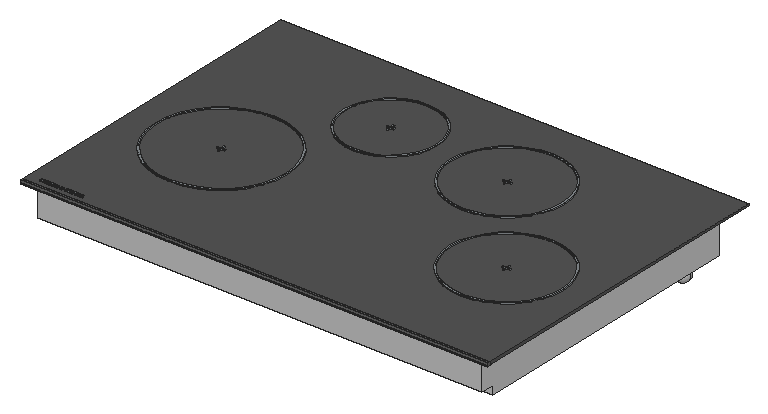
Revit family "FP_Revit_18_CI304DTB4_Cooktop_90000842A", category Specialty Equipment, Revit 2018
Family settings
  Round Connector Dimension = Use Diameter
  Part Type = Normal
  OmniClass Number = 23.40.40.14.17.11
  OmniClass Title = Cookers, Ovens, Stoves
  Work Plane-Based = No
  Always vertical = Yes
  Cut with Voids When Loaded = Yes
  Shared = No
  Room Calculation Point = No
Parameters
  Visibility - Clearance Required = yes
  URL = "www.fisherpaykel.com"
  Product - Width = 759 mm  # constant formula
  Product - Height = 99 mm  # constant formula
  Product - Depth = 530 mm  # constant formula
  Model = "CI304DTB4"
  Material - Trim = Fisher & Paykel - Aluminium, Dark
  Material - Graphics = Fisher & Paykel - Graphics Grey
  Material - Cooktop = Fisher & Paykel - Glass, Black
  Material - Body = Fisher & Paykel - Grey
  Manufacturer = "Fisher & Paykel Appliances"
  FFL Offset [instance] = 915 mm
  Description = "30\" Induction Cooktop"
  Connector Note - Electrical = "208 or 240 V, 28 A or 32 A, 60 Hz,"
  Clearance - Side Combustible = 30 mm  # constant formula
  Clearance - Rear Combustible = 30 mm  # constant formula
  Clearance - Overhead Rangehood = 650 mm  # constant formula
  Clearance - Overhead Non-Combustible = 610 mm  # constant formula
  Clearance - Overhead Combustible = 762 mm  # constant formula
  Clearance - Below = 65 mm  # constant formula
  Chassis - Width = 722 mm  # constant formula
  Chassis - Height = 62 mm  # constant formula
  Chassis - Depth = 480 mm  # constant formula
  Cavity - Width = 722 mm  # constant formula
  Cavity - Height = 62 mm  # constant formula
  Cavity - Depth = 490 mm  # constant formula
Reference planes
  plane 1 "Datum": y = 0
  plane 2: z = 0
  plane 3 "Center (Left/Right)": x = 0
  plane 4 "Product LHS": x = -379.5
  plane 5 "Product RHS": x = 379.5
  plane 6 "Product - Depth": y = 530
  plane 7 "Cavity LHS": x = -361
  plane 8 "Cavity RHS": x = 361
  plane 9 "Chassis - Front": y = 12.2
  plane 10 "Cavity - Front": y = 7.2
  plane 11 "Cavity - Depth": y = 497.2
  plane 12 "Chassis - Depth": y = 492.2
  plane 13 "Basepan": z = 853
  plane 14 "Countertop": z = 915
  plane 15 "Glass": z = 920
Forms (mm)
  Extrusion 1, solid, material "Fisher & Paykel - Glass, Black" <- "Material - Cooktop"
    sketch origin (0, 0, 0) x (0, 1, 0) y (0, 0, 1)
      loop
        line (5.299, 920) -> (5.299, 916) -> (530, 916) -> (530, 920) -> (5.299, 920)
    from -379.5 to 379.5
  Extrusion 2, solid, material "Fisher & Paykel - Aluminium, Dark" <- "Material - Trim", detail levels fine
    sketch origin (0, 0, 0) x (0, 1, 0) y (0, 0, 1)
      loop
        line (5.299, 920) -> (0.45, 920) -> (0, 916.5) -> (0, 915) -> (8.39, 915) -> (8.39, 916) -> (5.299, 916) -> (5.299, 920)
    from -379.5 to 379.5
  Extrusion 3, solid, material "Fisher & Paykel - Clearance Required (Cutout)", visible <- "Visibility - Clearance Required", detail levels coarse
    sketch origin (0, 0, 0) x (1, 0, 0) y (0, 1, 0)
      loop
        line (-361, 497.2) -> (-361, 7.2) -> (361, 7.2) -> (361, 497.2) -> (-361, 497.2)
    from 853 to 915
  Extrusion 4, solid, material "Fisher & Paykel - Aluminium, Dark" <- "Material - Trim", detail levels coarse+medium
    sketch origin (0, 0, 0) x (0, 1, 0) y (0, 0, 1)
      loop
        line (5.299, 920) -> (0, 920) -> (0, 915) -> (5.299, 915) -> (5.299, 920)
    from -379.5 to 379.5
  Extrusion 5, solid, material "Fisher & Paykel - Clearance Required (Combustible)", visible <- "Visibility - Clearance Required", detail levels coarse
    sketch origin (0, 0, 0) x (1, 0, 0) y (0, 1, 0)
      loop
        line (379.5, 0) -> (391, 0) -> (391, 538.387) -> (-391, 538.387) -> (-391, 0) -> (-379.5, 0) -> (-379.5, 530) -> (379.5, 530) -> (379.5, 0)
    from 920 to 1682
  Extrusion 6, solid, material "Fisher & Paykel - Clearance Required (Non-Combustible)", visible <- "Visibility - Clearance Required", detail levels coarse
    sketch origin (0, 0, 0) x (1, 0, 0) y (0, 1, 0)
      loop
        line (-379.5, 0) -> (379.5, 0) -> (379.5, 530) -> (-379.5, 530) -> (-379.5, 0)
    from 920 to 1530
  Extrusion 7, solid, material "Fisher & Paykel - Clearance Required (Rangehood)", visible <- "Visibility - Clearance Required", detail levels coarse
    sketch origin (0, 0, 0) x (1, 0, 0) y (0, 1, 0)
      loop
        line (-379.5, 530) -> (-379.5, 0) -> (379.5, 0) -> (379.5, 530) -> (-379.5, 530)
    from 1530 to 1570
  Extrusion 8, solid, material "Fisher & Paykel - Clearance Required", visible <- "Visibility - Clearance Required", detail levels coarse
    sketch origin (0, 0, 0) x (1, 0, 0) y (0, 1, 0)
      loop
        line (-361, 7.2) -> (361, 7.2) -> (361, 497.2) -> (-361, 497.2) -> (-361, 7.2)
    from 788 to 853
  Extrusion 9, solid, material "Fisher & Paykel - Grey" <- "Material - Body"
    sketch origin (0, 0, 0) x (0, 1, 0) y (0, 0, 1)
      loop
        line (34.2, 865.8) -> (34.2, 853) -> (492.2, 853) -> (492.2, 915) -> (12.2, 915) -> (12.2, 865.8) -> (34.2, 865.8)
    from -361 to 361
  Extrusion 10, solid, material "Fisher & Paykel - Grey" <- "Material - Body"
    sketch origin (0, 0, 0) x (1, 0, 0) y (0, 1, 0)
      loop
        line (-370, 520.2) -> (-370, 8.39) -> (370, 8.39) -> (370, 520.2) -> (-370, 520.2)
    from 915 to 916
  Extrusion 11, solid, material "Fisher & Paykel - Graphics Grey" <- "Material - Graphics", detail levels fine
    sketch origin (0, 0, 0) x (1, 0, 0) y (0, 1, 0)
      loop
        circle (106.166, 381.579) r 92
      loop
        circle (106.166, 381.579) r 89.798
      loop
        circle (244.829, 207.24) r 89.797
      loop
        circle (244.829, 207.24) r 92
      loop
        circle (-230.498, 222.219) r 107
      loop
        circle (-230.498, 222.219) r 104.798
      loop
        circle (-96.947, 399.202) r 75.5
      loop
        circle (-96.947, 399.202) r 73.299
      loop
        line (-95.963, 405.445) -> (-97.931, 405.445) -> (-97.931, 400.279) -> (-103.097, 400.279) -> (-103.097, 398.311) -> (-97.931, 398.311) -> (-97.931, 393.145) -> (-95.963, 393.145) -> (-95.963, 398.311) -> (-90.797, 398.311) -> (-90.797, 400.279) -> (-95.963, 400.279) -> (-95.963, 405.445)
      loop
        line (-229.362, 228.46) -> (-231.33, 228.46) -> (-231.33, 223.293) -> (-236.496, 223.293) -> (-236.496, 221.326) -> (-231.33, 221.326) -> (-231.33, 216.16) -> (-229.362, 216.16) -> (-229.362, 221.326) -> (-224.196, 221.326) -> (-224.196, 223.293) -> (-229.362, 223.293) -> (-229.362, 228.46)
      loop
        line (245.808, 213.28) -> (243.84, 213.28) -> (243.84, 208.114) -> (238.674, 208.114) -> (238.674, 206.146) -> (243.84, 206.146) -> (243.84, 200.98) -> (245.808, 200.98) -> (245.808, 206.146) -> (250.974, 206.146) -> (250.974, 208.114) -> (245.808, 208.114) -> (245.808, 213.28)
      loop
        line (107.238, 387.85) -> (105.27, 387.85) -> (105.27, 382.684) -> (100.104, 382.684) -> (100.104, 380.716) -> (105.27, 380.716) -> (105.27, 375.55) -> (107.238, 375.55) -> (107.238, 380.716) -> (112.404, 380.716) -> (112.404, 382.684) -> (107.238, 382.684) -> (107.238, 387.85)
    from 920 to 921
  Extrusion 12, solid, material "Fisher & Paykel - Clearance Required (Combustible)", visible <- "Visibility - Clearance Required", detail levels coarse
    sketch origin (0, 0, 0) x (1, 0, 0) y (0, 1, 0)
      loop
        line (-379.5, 530) -> (-379.5, 0) -> (379.5, 0) -> (379.5, 530) -> (-379.5, 530)
    from 1570 to 1682
  Extrusion 13, void
    sketch origin (0, 0, 0) x (1, 0, 0) y (0, 1, 0)
      loop
        line (-361, 7.2) -> (361, 7.2) -> (361, 497.2) -> (-361, 497.2) -> (-361, 7.2)
    from 788 to 915
Text (mm)
  text "Due to ongoing product development, product details are subject to change without notice. \nPlease always refer to www.fisherpaykel.com for the most current product information. \n© Fisher & Paykel 2020" at (41.04, -387.478, 0), in view "Ref. Level (Plan)"
Dimensions and locks
  equal spacing: plane 4 "Product LHS", plane 3 "Center (Left/Right)", plane 5 "Product RHS"
  "Product - Width": plane 4 "Product LHS" to plane 5 "Product RHS"
  equal spacing: plane 7 "Cavity LHS", plane 3 "Center (Left/Right)", plane 8 "Cavity RHS"
  "Cavity - Width": plane 7 "Cavity LHS" to plane 8 "Cavity RHS"
  "Product - Depth": Extrusion 1 to plane 1 "Datum"
  equal spacing: Extrusion 9, plane 3 "Center (Left/Right)", Extrusion 9
  "Chassis - Width": Extrusion 9 to Extrusion 9
  "Clearance - Side Combustible": plane 8 "Cavity RHS" to Extrusion 5
  "Clearance - Side Combustible": Extrusion 5 to plane 7 "Cavity LHS"
  plane 1 "Datum" to plane 9 "Chassis - Front" = 12.2 mm
  plane 10 "Cavity - Front" to plane 9 "Chassis - Front" = 5 mm
  "Cavity - Depth": plane 11 "Cavity - Depth" to plane 10 "Cavity - Front"
  "Chassis - Depth": plane 12 "Chassis - Depth" to plane 9 "Chassis - Front"
  equal spacing: Extrusion 10 sketch curve, plane 3 "Center (Left/Right)", Extrusion 10 sketch curve
  plane 4 "Product LHS" to Extrusion 10 sketch curve = 9.5 mm
  locked: plane 15 "Glass" to plane 14 "Countertop" at 5
  "Chassis - Height": plane 14 "Countertop" to plane 13 "Basepan"
  "FFL Offset": plane 14 "Countertop" to level
  "Cavity - Height": plane 14 "Countertop" to Extrusion 8
  "Clearance - Below": Extrusion 8 to Extrusion 8
  locked: plane 15 "Glass" to Extrusion 1 sketch curve at 4
  locked: Extrusion 11 to plane 15 "Glass" at 1
  locked: plane 13 "Basepan" to nested 2 at 13
  locked: nested 1 to plane 15 "Glass" at 0.8
  "Clearance - Overhead Non-Combustible": plane 15 "Glass" to Extrusion 7
  "Clearance - Overhead Combustible": Extrusion 5 to plane 15 "Glass"
  "Clearance - Overhead Rangehood": plane 15 "Glass" to Extrusion 12
  aligned and locked: level to plane 2
  aligned and locked: Extrusion 1 to plane 5 "Product RHS"
  aligned and locked: Extrusion 1 to plane 4 "Product LHS"
  aligned and locked: Extrusion 2 to plane 5 "Product RHS"
  aligned and locked: Extrusion 7 to Extrusion 6
  aligned and locked: plane 4 "Product LHS" to Extrusion 4
  aligned and locked: Extrusion 4 to plane 5 "Product RHS"
  aligned and locked: Extrusion 4 to Extrusion 1
  aligned and locked: Extrusion 1 to Extrusion 4  (x2)
  aligned and locked: Extrusion 5 sketch curve to plane 5 "Product RHS"
  aligned and locked: plane 11 "Cavity - Depth" to Extrusion 3
  aligned and locked: Extrusion 3 to Extrusion 8
  aligned and locked: Extrusion 8 to Extrusion 3  (x2)
  aligned and locked: plane 10 "Cavity - Front" to Extrusion 8
  aligned and locked: plane 4 "Product LHS" to Extrusion 2
  aligned and locked: Extrusion 6 to plane 15 "Glass"
  aligned and locked: Extrusion 5 to Extrusion 6
  aligned and locked: plane 14 "Countertop" to Extrusion 3
  aligned and locked: plane 14 "Countertop" to Extrusion 9 sketch curve
  aligned and locked: Extrusion 9 sketch curve to plane 13 "Basepan"
  aligned and locked: Extrusion 1 sketch curve to plane 15 "Glass"
  aligned and locked: Extrusion 10 to Extrusion 1
  aligned and locked: Extrusion 10 to Extrusion 3
  aligned and locked: Extrusion 4 to Extrusion 2
  aligned and locked: Extrusion 2 to Extrusion 1
  aligned and locked: Extrusion 1 to Extrusion 2
  aligned and locked: Extrusion 11 to Extrusion 1
  aligned and locked: Extrusion 2 to Extrusion 3
  aligned and locked: Extrusion 5 to Extrusion 12
  aligned and locked: Extrusion 12 to Extrusion 7
  aligned and locked: Extrusion 13 to Extrusion 2
  aligned and locked: Extrusion 13 to Extrusion 8
Automatic sketch dimensions
  Extrusion 1 sketch curve to plane 6 "Product - Depth" = 0 mm
  plane 10 "Cavity - Front" to Extrusion 1 sketch curve = 1.901 mm
  Extrusion 2 sketch curve to plane 1 "Datum" = 0 mm
  Extrusion 2 sketch curve to plane 15 "Glass" = 0 mm
  Extrusion 2 sketch curve to plane 14 "Countertop" = 0 mm
  Extrusion 2 sketch curve to plane 1 "Datum" = 0.45 mm
  plane 10 "Cavity - Front" to Extrusion 2 sketch curve = 1.901 mm
  Extrusion 2 sketch curve to plane 10 "Cavity - Front" = 1.19 mm
  plane 14 "Countertop" to Extrusion 2 sketch curve = 1 mm
  plane 14 "Countertop" to Extrusion 2 sketch curve = 1.5 mm
  plane 10 "Cavity - Front" to Extrusion 3 sketch curve = 0 mm
  Extrusion 3 sketch curve to plane 11 "Cavity - Depth" = 0 mm
  plane 7 "Cavity LHS" to Extrusion 3 sketch curve = 0 mm
  Extrusion 3 sketch curve to plane 8 "Cavity RHS" = 0 mm
  Extrusion 4 sketch curve to plane 1 "Datum" = 0 mm
  Extrusion 4 sketch curve to plane 14 "Countertop" = 0 mm
  Extrusion 4 sketch curve to plane 15 "Glass" = 0 mm
  plane 10 "Cavity - Front" to Extrusion 4 sketch curve = 1.901 mm
  plane 1 "Datum" to Extrusion 5 sketch curve = 0 mm  (x2)
  Extrusion 5 sketch curve to plane 4 "Product LHS" = 0 mm
  Extrusion 5 sketch curve to plane 6 "Product - Depth" = 0 mm
  plane 4 "Product LHS" to Extrusion 5 sketch curve = 11.5 mm
  Extrusion 5 sketch curve to plane 5 "Product RHS" = 11.5 mm
  plane 6 "Product - Depth" to Extrusion 5 sketch curve = 8.387 mm
  Extrusion 6 sketch curve to plane 4 "Product LHS" = 0 mm
  Extrusion 6 sketch curve to plane 5 "Product RHS" = 0 mm
  plane 1 "Datum" to Extrusion 6 sketch curve = 0 mm
  Extrusion 6 sketch curve to plane 6 "Product - Depth" = 0 mm
  plane 1 "Datum" to Extrusion 7 sketch curve = 0 mm
  Extrusion 7 sketch curve to plane 4 "Product LHS" = 0 mm
  Extrusion 7 sketch curve to plane 5 "Product RHS" = 0 mm
  Extrusion 7 sketch curve to plane 6 "Product - Depth" = 0 mm
  Extrusion 8 sketch curve to plane 11 "Cavity - Depth" = 0 mm
  plane 10 "Cavity - Front" to Extrusion 8 sketch curve = 0 mm
  plane 7 "Cavity LHS" to Extrusion 8 sketch curve = 0 mm
  Extrusion 8 sketch curve to plane 8 "Cavity RHS" = 0 mm
  Extrusion 9 sketch curve to plane 9 "Chassis - Front" = 0 mm
  Extrusion 9 sketch curve to plane 12 "Chassis - Depth" = 0 mm
  Extrusion 9 sketch curve to plane 9 "Chassis - Front" = 22 mm
  plane 13 "Basepan" to Extrusion 9 sketch curve = 12.8 mm
  Extrusion 10 sketch curve to plane 10 "Cavity - Front" = 1.19 mm
  Extrusion 10 sketch curve to plane 6 "Product - Depth" = 9.8 mm
  Extrusion 11 sketch curve to Extrusion 11 sketch curve = 0 mm  (x16)
  Extrusion 11 sketch curve to plane 7 "Cavity LHS" = 124.504 mm
  Extrusion 11 sketch curve to Extrusion 11 sketch curve = 5.166 mm  (x16)
  Extrusion 11 sketch curve to Extrusion 11 sketch curve = 0.832 mm
  Extrusion 11 sketch curve to Extrusion 11 sketch curve = 1.968 mm  (x9)
  Extrusion 11 sketch curve to plane 3 "Center (Left/Right)" = 103.097 mm
  Extrusion 11 sketch curve to Extrusion 11 sketch curve = 0.984 mm  (x2)
  plane 3 "Center (Left/Right)" to Extrusion 11 sketch curve = 100.104 mm
  Extrusion 11 sketch curve to Extrusion 11 sketch curve = 0.897 mm
  plane 8 "Cavity RHS" to Extrusion 11 sketch curve = 122.326 mm
  Extrusion 11 sketch curve to Extrusion 11 sketch curve = 0.989 mm
  Extrusion 11 sketch curve to Extrusion 11 sketch curve = 0.979 mm
  Extrusion 11 sketch curve to plane 9 "Chassis - Front" = 188.78 mm
  Extrusion 11 sketch curve to Extrusion 11 sketch curve = 1.094 mm
  Extrusion 11 sketch curve to plane 9 "Chassis - Front" = 203.96 mm
  Extrusion 11 sketch curve to Extrusion 11 sketch curve = 0.893 mm
  Extrusion 11 sketch curve to Extrusion 11 sketch curve = 1.075 mm  (x2)
  Extrusion 11 sketch curve to plane 12 "Chassis - Depth" = 116.65 mm
  Extrusion 11 sketch curve to Extrusion 11 sketch curve = 0.863 mm
  Extrusion 11 sketch curve to Extrusion 11 sketch curve = 1.105 mm
  Extrusion 11 sketch curve to plane 12 "Chassis - Depth" = 99.055 mm
  Extrusion 11 sketch curve to Extrusion 11 sketch curve = 0.891 mm
  Extrusion 11 sketch curve to Extrusion 11 sketch curve = 1.077 mm  (x2)
  plane 1 "Datum" to Extrusion 12 sketch curve = 0 mm
  Extrusion 12 sketch curve to plane 4 "Product LHS" = 0 mm
  Extrusion 12 sketch curve to plane 5 "Product RHS" = 0 mm
  Extrusion 12 sketch curve to plane 6 "Product - Depth" = 0 mm
  Extrusion 13 sketch curve to plane 11 "Cavity - Depth" = 0 mm
  plane 10 "Cavity - Front" to Extrusion 13 sketch curve = 0 mm
  plane 7 "Cavity LHS" to Extrusion 13 sketch curve = 0 mm
  Extrusion 13 sketch curve to plane 8 "Cavity RHS" = 0 mm
  radius of Extrusion 11 sketch curve = 92 mm  (x2)
  radius of Extrusion 11 sketch curve = 89.798 mm
  radius of Extrusion 11 sketch curve = 89.797 mm
  radius of Extrusion 11 sketch curve = 107 mm
  radius of Extrusion 11 sketch curve = 104.798 mm
  radius of Extrusion 11 sketch curve = 75.5 mm
  radius of Extrusion 11 sketch curve = 73.299 mm
Nested families
  nested 1: "F&P Logo 70mm Horizontal" at (-324.001, 14.253, 920), type "F&P Logo 70mm Horizontal"
  nested 2: "F&P Power Connection Cooktop" at (331.113, 457.612, 915), type "F&P Power Connection Cooktop"
Connectors
  electrical at (291.113, 388.531, 832.8), driven by "Connector Note - Electrical"
    settings: on nested 2, index 1, voltage 120 V, apparent load 0 VA, apparent load phase1 0 VA, apparent load phase2 0 VA, apparent load phase3 0 VA, power factor 1, load classification "Other", number of poles 2, system type 30, power factor state 1, is connector primary yes, connector utility no, sub classification motor no, connector description "208 or 240 V, 28 A or 32 A, 60 Hz,"
Definition of nested family "F&P Logo 70mm Horizontal"
  Parameters (values of type "F&P Logo 70mm Horizontal")
    URL = "www.fisherpaykel.com"
    Material - Logo = none
    Manufacturer = "Fisher & Paykel Appliances"
  Reference planes
    plane 1 "Center (Front/Back)": y = 0
    plane 2: z = 0
    plane 3 "Center (Left/Right)": x = 0
  Forms (mm)
    Extrusion 1, solid, material <- "Material - Logo", detail levels fine
      sketch origin (0, 0, 0) x (1, 0, 0) y (0, 1, 0)
        loop
          line (-34.997, -0.356) -> (-33.895, -0.356) -> (-33.895, 1.141) -> (-32.174, 1.141) -> (-32.174, 2.075) -> (-33.895, 2.075) -> (-33.895, 2.943) -> (-32.023, 2.943) -> (-32.023, 3.872) -> (-34.997, 3.872) -> (-34.997, -0.356)
        loop
          line (-29.929, 3.872) -> (-29.929, -0.356) -> (-28.828, -0.356) -> (-28.828, 3.872) -> (-29.929, 3.872)
        loop
          line (-21.473, 3.872) -> (-21.473, -0.356) -> (-20.372, -0.356) -> (-20.372, 1.338) -> (-18.754, 1.338) -> (-18.754, -0.356) -> (-17.652, -0.356) -> (-17.652, 3.872) -> (-18.754, 3.872) -> (-18.754, 2.268) -> (-20.372, 2.268) -> (-20.372, 3.872) -> (-21.473, 3.872)
        loop
          line (-15.301, 3.872) -> (-15.301, -0.356) -> (-12.288, -0.356) -> (-12.288, 0.444) -> (-14.209, 0.444) -> (-14.209, 1.338) -> (-12.453, 1.338) -> (-12.453, 2.268) -> (-14.209, 2.268) -> (-14.209, 3.072) -> (-12.288, 3.072) -> (-12.288, 3.872) -> (-15.301, 3.872)
        loop
          line (32, 3.872) -> (32, -0.356) -> (35.003, -0.356) -> (35.003, 0.574) -> (33.102, 0.574) -> (33.102, 3.872) -> (32, 3.872)
        loop
          line (29.735, 3.872) -> (26.712, 3.872) -> (26.712, -0.356) -> (29.735, -0.356) -> (29.735, 0.444) -> (27.814, 0.444) -> (27.814, 1.338) -> (29.57, 1.338) -> (29.57, 2.268) -> (27.814, 2.268) -> (27.814, 3.072) -> (29.735, 3.072) -> (29.735, 3.872)
        loop
          line (23.449, 1.848) -> (25.012, 3.872) -> (23.724, 3.872) -> (22.374, 2.124) -> (22.374, 3.872) -> (21.273, 3.872) -> (21.273, -0.356) -> (22.374, -0.356) -> (22.374, 1.538) -> (23.765, -0.356) -> (25.067, -0.356) -> (23.449, 1.848)
        loop
          line (15.42, 3.872) -> (17.017, 1.338) -> (17.017, -0.356) -> (18.119, -0.356) -> (18.119, 1.283) -> (19.717, 3.872) -> (18.546, 3.872) -> (17.603, 2.239) -> (16.66, 3.872) -> (15.42, 3.872)
        loop
          line (12.969, 3.872) -> (11.922, 3.872) -> (10.2, -0.356) -> (11.282, -0.356) -> (11.585, 0.422) -> (13.278, 0.422) -> (13.581, -0.356) -> (14.69, -0.356) -> (12.969, 3.872)
        loop
          line (12.913, 1.352) -> (12.419, 2.566) -> (11.946, 1.352) -> (12.913, 1.352)
        loop
          line (5.556, 3.872) -> (5.556, -0.356) -> (6.653, -0.356) -> (6.653, 1.001) -> (7.453, 1.001)
          spline (7.453, 1.001) -> (7.884, 1.05) -> (8.285, 1.193) -> (8.63, 1.421) -> (8.895, 1.719) -> (9.061, 2.065) -> (9.118, 2.436) -> (9.061, 2.808) -> (8.895, 3.154) -> (8.63, 3.452) -> (8.285, 3.68) -> (7.884, 3.823) -> (7.453, 3.872)
          line (7.453, 3.872) -> (5.556, 3.872)
        loop
          spline (7.385, 1.882) -> (7.558, 1.9) -> (7.72, 1.953) -> (7.858, 2.037) -> (7.965, 2.147) -> (8.032, 2.275) -> (8.055, 2.412) -> (8.032, 2.55) -> (7.965, 2.677) -> (7.858, 2.787) -> (7.72, 2.872) -> (7.558, 2.924) -> (7.385, 2.943)
          line (7.385, 2.943) -> (6.585, 2.943) -> (6.585, 1.882) -> (7.385, 1.882)
        loop
          line (-8.294, 2.943) -> (-9.094, 2.943) -> (-9.094, 1.781) -> (-8.294, 1.781)
          spline (-8.294, 1.781) -> (-8.121, 1.801) -> (-7.96, 1.859) -> (-7.822, 1.951) -> (-7.716, 2.072) -> (-7.649, 2.212) -> (-7.626, 2.362) -> (-7.649, 2.512) -> (-7.716, 2.652) -> (-7.822, 2.772) -> (-7.96, 2.865) -> (-8.121, 2.923) -> (-8.294, 2.943)
        loop
          line (-8.214, 3.872) -> (-10.262, 3.872) -> (-10.262, -0.356) -> (-9.094, -0.356) -> (-9.094, 0.492) -> (-8.294, 0.492) -> (-7.647, -0.356) -> (-6.373, -0.356) -> (-7.445, 1.016)
          spline (-7.445, 1.016) -> (-7.148, 1.205) -> (-6.902, 1.45) -> (-6.72, 1.739) -> (-6.611, 2.058) -> (-6.58, 2.391) -> (-6.628, 2.723) -> (-6.754, 3.037) -> (-6.95, 3.317) -> (-7.208, 3.551) -> (-7.515, 3.726) -> (-7.856, 3.835) -> (-8.214, 3.872)
        loop
          line (0.368, 2.943) -> (0.368, 3.951) -> (-2.559, 3.951) -> (-2.559, 3.151) -> (-2.048, 2.522)
          spline (-2.048, 2.522) -> (-2.373, 2.187) -> (-2.606, 1.789) -> (-2.731, 1.355) -> (-2.74, 0.914) -> (-2.632, 0.497) -> (-2.414, 0.133) -> (-2.102, -0.155) -> (-1.716, -0.347) -> (-1.283, -0.429) -> (-0.832, -0.395) -> (-0.395, -0.249) -> (0, 0)
          line (0, 0) -> (0.504, -0.621) -> (1.644, -0.621) -> (0.602, 0.712) -> (1.591, 2.137) -> (0.459, 2.137) -> (0.003, 1.48) -> (-1.14, 2.943) -> (0.368, 2.943)
        loop
          spline (-1.353, 1.874) -> (-1.563, 1.673) -> (-1.729, 1.449) -> (-1.839, 1.217) -> (-1.886, 0.992) -> (-1.867, 0.792) -> (-1.783, 0.627) -> (-1.639, 0.511) -> (-1.447, 0.451) -> (-1.218, 0.451) -> (-0.968, 0.512) -> (-0.714, 0.628) -> (-0.475, 0.792)
          line (-0.475, 0.792) -> (-1.353, 1.874)
        loop
          arc (-25.449, 3.004) -> (-24.591, 2.949) -> (-23.808, 2.592) r 2.379
          line (-23.808, 2.592) -> (-23.808, 3.586)
          arc (-23.808, 3.586) -> (-24.619, 3.915) -> (-25.494, 3.936) r 2.437
          arc (-25.494, 3.936) -> (-26.617, 2.99) -> (-26.18, 1.588) r 1.327
          arc (-26.18, 1.588) -> (-25.746, 1.367) -> (-25.276, 1.236) r 2.46
          spline (-25.276, 1.236) -> (-25.124, 1.211) -> (-24.98, 1.158) -> (-24.856, 1.083) -> (-24.761, 0.989) -> (-24.703, 0.886) -> (-24.686, 0.78) -> (-24.713, 0.681) -> (-24.78, 0.596) -> (-24.882, 0.532) -> (-25.011, 0.494) -> (-25.158, 0.485) -> (-25.311, 0.505)
          arc (-25.311, 0.505) -> (-26.045, 0.647) -> (-26.714, 0.98) r 2.761
          line (-26.714, 0.98) -> (-26.714, -0.067)
          arc (-26.714, -0.067) -> (-25.66, -0.377) -> (-24.564, -0.318) r 3.237
          arc (-24.564, -0.318) -> (-23.597, 0.72) -> (-24.205, 2.002) r 1.263
          arc (-24.205, 2.002) -> (-24.834, 2.249) -> (-25.488, 2.42) r 5.78
          spline (-25.488, 2.42) -> (-25.537, 2.449) -> (-25.58, 2.49) -> (-25.615, 2.541) -> (-25.639, 2.6) -> (-25.653, 2.664) -> (-25.654, 2.73) -> (-25.644, 2.795) -> (-25.622, 2.856) -> (-25.59, 2.909) -> (-25.549, 2.953) -> (-25.502, 2.985) -> (-25.449, 3.004)
      from 0 to 0.8
  Dimensions and locks
    Extrusion 1 sketch curve to Extrusion 1 sketch curve = 70 mm
    aligned and locked: level to plane 2
Definition of nested family "F&P Power Connection Cooktop"
  Parameters (values of type "F&P Power Connection Cooktop")
    URL = "www.fisherpaykel.com"
    Model = ""
    Material - Body = none
    Manufacturer = "Fisher & Paykel Appliances"
    Description = ""
  Reference planes
    plane 1 "Center (Front/Back)": y = 0
    plane 2: z = 0
    plane 3 "Center (Left/Right)": x = 0
  Forms (mm)
    Extrusion 1, solid, material <- "Material - Body"
      sketch origin (-399.3, -461.987, 0) x (1, 0, 0) y (0, 1, 0)
        loop
          line (371.3, 470.923) -> (371.3, 477.382)
          arc (371.3, 477.382) -> (365.3, 483.382) -> (359.3, 477.382) r 6
          line (359.3, 477.382) -> (359.3, 470.923) -> (371.3, 470.923)
        loop
          circle (365.3, 477.382) r 2
        loop
          line (371.3, 453.05) -> (359.3, 453.05) -> (359.3, 446.592)
          arc (359.3, 446.592) -> (365.3, 440.592) -> (371.3, 446.592) r 6
          line (371.3, 446.592) -> (371.3, 453.05)
        loop
          circle (365.3, 446.592) r 2
      from -85 to -75
    Revolve 2, solid, material <- "Material - Body"
      sketch origin (-399.3, 0, 0) x (1, 0, 0) y (0, 0, 1)
        loop
          line (359.3, -70.404) -> (359.3, -82.2) -> (411.196, -82.2)
          arc (411.196, -82.2) -> (407.741, -73.859) -> (399.4, -70.404) r 11.796
          line (399.4, -70.404) -> (359.3, -70.404)
        axis (359.3, -82.2) -> (411.196, -82.2)
      angle from 0 to 360
    Revolve 3, solid, material <- "Material - Body"
      sketch origin (-399.3, 0, 0) x (1, 0, 0) y (0, 0, 1)
        loop
          line (410.3, -62) -> (399.3, -62) -> (399.3, -82.2) -> (410.3, -82.2) -> (410.3, -62)
        axis (399.3, -62) -> (399.3, -82.2)
      angle from 0 to 360
    Sweep 4, solid, material <- "Material - Body"
      path origin (-399.3, -461.987, 0) x (1, 0, 0) y (0, 1, 0)
        loop
          line (359.3, 392.906) -> (280.841, 392.906)
          arc (280.841, 392.906) -> (222.158, 372.738) -> (188.271, 320.757) r 95.459
          arc (188.271, 320.757) -> (14.034, 258.449) -> (22.747, 443.286) r 111.355
          arc (22.747, 443.286) -> (55.057, 457.224) -> (89.922, 461.987) r 130
          line (89.922, 461.987) -> (359.3, 461.987)
      profile origin (-174.689, 0, 0) x (0, 1, 0) y (0, 0, 1)
        loop
          circle (0, -82.2) r 11
    Extrusion 5, solid, material <- "Material - Body", detail levels medium+fine
      sketch origin (-170.063, -461.987, 0) x (0, 1, 0) y (0, 0, 1)
        loop
          circle (392.954, -77.981) r 3
        loop
          circle (388.579, -82.669) r 3
        loop
          circle (397.329, -82.669) r 3
        loop
          circle (392.954, -87.356) r 3
      from 160 to 130.063
  Cuts and joins
    joined: Extrusion 1, Revolve 2, Revolve 3
  Text (mm)
    text "Due to ongoing product development, product details are subject to change without notice. \nPlease always refer to www.fisherpaykel.com for the most current product information. \n© Fisher & Paykel 2020" at (41.04, -387.478, 0), in view "Ref. Level (Plan)"
  Dimensions and locks
    aligned and locked: level to plane 2
